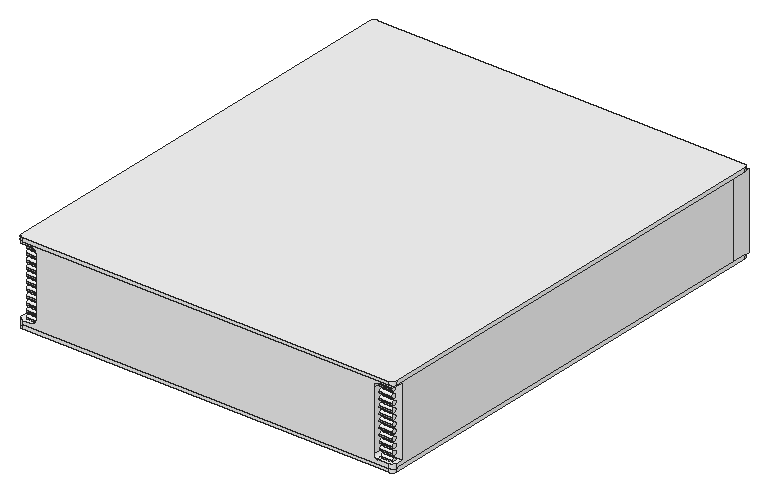
Revit family "RK-ZONE8", category Electrical Equipment, Revit 2016
Family settings
  Panel Configuration = Two Columns, Circuits Across
  Part Type = Panelboard
  Round Connector Dimension = Use Diameter
  OmniClass Number = 23.80.30.11.17
  OmniClass Title = Distribution Boards and Control Panels
  Work Plane-Based = No
  Always vertical = Yes
  Cut with Voids When Loaded = No
  Shared = No
  Room Calculation Point = No
Parameters
  voltage = "100V/70V"
  Weekly = ""
  Warranty ID = ""
  Type = ""
  Supply Phase = "3"
  Shipping Weight = ""
  Shape = ""
  Set Point Concentration = 0.00 m²
  Responsible Sourcing of Materials = "Endorsing body"
  Responsible Extraction of Materials = ""
  Reference Standard = ""
  Quarterly = ""
  Product Range = ""
  Product Model Number = "Or  Code"
  Product Literature = ""
  Power Source (if required) = ""
  Overall Width = 225 mm
  Overall Length = 240 mm
  Overall Height = 165 mm
  O&M Manual = "External data hyperconnection"
  Number of Poles = "3"
  Monthly = ""
  Material2 = cutout
  Material Ingredient Reporting = ""
  Material = Steel
  Manufacturer Website = "External data hyperconnection"
  Maintenance Required 8001-12000hrs = ""
  Maintenance Required 601-1000hrs = ""
  Maintenance Required 40001-8000hrs = ""
  Maintenance Required 301-600hrs = ""
  Maintenance Required 2001-4000hrs = ""
  Maintenance Required 1001-2000hrs = ""
  Maintenance Required 0-300hrs = ""
  Location of Manufacturer = "Northing,Easting"
  Life Cycle Analysis = "A - E"
  Gross Weight = "2.05Kg"
  Green Guide for Specification = "A - E"
  Frequency = "350 Hz ~ 12 kHz"
  Fire Control Panel Links = yes
  Finish = ""
  Features = "Free text to describe product"
  Expected Life = "*Years"
  Environmental Product Declaration = "3rd Party Verification"
  Energy Technology List = "External data hyperconnection"
  Enclosure Rating = "IP rating"
  Embodied Carbon = "kgCO2"
  Default elevation = 1219.2 mm
  Daily = ""
  Coverage Area = 0.056 m²
  Colour = ""
  CE Approval = "Number, Yes, No"
  Bespoke Timeframe = ""
  Battery Type = "e.g. Alkaline, Lithium Ion Rechargeable"
  Battery Supply = ""
  BMS Links = yes
  Annually = ""
  Access Clearance Top = 0 mm
  Access Clearance Right = 0 mm
  Access Clearance Rear = 0 mm
  Access Clearance Left = 0 mm
  Access Clearance Front = 0 mm
  Access Clearance Bottom = 0 mm
  6 Monthly = ""
Reference planes
  plane 1 "Center (Front/Back)": y = 0
  plane 2: z = 0
  plane 3 "Center (Left/Right)": x = 0
Dimensions and locks
  aligned and locked: level to plane 2
Nested families
  nested 1: "ZONE8" at (180, -180, 0), type "ZONE8"
Definition of nested family "ZONE8"
  Parameters (values of type "ZONE8")
    Material2 = none
    Material = none
  Reference planes
    plane 1 "Center (Front/Back)": y = 0
    plane 2: z = 0
    plane 3 "Center (Left/Right)": x = 0
    plane 4: y = 482
    plane 5: z = -88
    plane 6: x = -407
  Forms (mm)
    Extrusion 1, solid, material <- "Material2"
      sketch origin (0, 0, 0) x (1, 0, 0) y (0, 1, 0)
        loop
          arc (-407, 5) -> (-405.536, 1.464) -> (-402, 0) r 5
          line (-402, 0) -> (-5, 0)
          arc (-5, 0) -> (-1.464, 1.464) -> (0, 5) r 5
          line (0, 5) -> (0, 462) -> (-20, 462) -> (-20, 20) -> (-387, 20) -> (-387, 462) -> (-407, 462) -> (-407, 5)
      from -84.611 to -3.389
    Extrusion 2, solid, material <- "Material2"
      sketch origin (0, 0, 0) x (1, 0, 0) y (0, 1, 0)
        loop
          line (-5, 482) -> (-402, 482)
          arc (-402, 482) -> (-405.536, 480.536) -> (-407, 477) r 5
          line (-407, 477) -> (-407, 5)
          arc (-407, 5) -> (-405.536, 1.464) -> (-402, 0) r 5
          line (-402, 0) -> (-5, 0)
          arc (-5, 0) -> (-1.464, 1.464) -> (0, 5) r 5
          line (0, 5) -> (0, 477)
          arc (0, 477) -> (-1.464, 480.536) -> (-5, 482) r 5
      from -3.389 to 0
    Extrusion 3, solid, material <- "Material2"
      sketch origin (0, 0, -84.611) x (1, 0, 0) y (0, 1, 0)
        loop
          line (-5, 482) -> (-402, 482)
          arc (-402, 482) -> (-405.536, 480.536) -> (-407, 477) r 5
          line (-407, 477) -> (-407, 5)
          arc (-407, 5) -> (-405.536, 1.464) -> (-402, 0) r 5
          line (-402, 0) -> (-5, 0)
          arc (-5, 0) -> (-1.464, 1.464) -> (0, 5) r 5
          line (0, 5) -> (0, 477)
          arc (0, 477) -> (-1.464, 480.536) -> (-5, 482) r 5
      from -3.389 to 0
    Extrusion 4, void
      sketch origin (0, 0, -169.342) x (1, 0, 0) y (0, 0, 1)
        loop
          line (-409.572, 164.342) -> (-409.572, 89.442) -> (-392, 89.442)
          arc (-392, 89.442) -> (-388.464, 90.906) -> (-387, 94.442) r 5
          line (-387, 94.442) -> (-387, 159.342)
          arc (-387, 159.342) -> (-388.464, 162.877) -> (-392, 164.342) r 5
          line (-392, 164.342) -> (-409.572, 164.342)
      from -12.787 to 11.13
    Extrusion 5, void
      sketch origin (-407, 0, -169.342) x (-1, 0, 0) y (0, 0, -1)
        loop
          line (-409.572, -164.342) -> (-392, -164.342)
          arc (-392, -164.342) -> (-388.464, -162.877) -> (-387, -159.342) r 5
          line (-387, -159.342) -> (-387, -94.442)
          arc (-387, -94.442) -> (-388.464, -90.906) -> (-392, -89.442) r 5
          line (-392, -89.442) -> (-409.572, -89.442) -> (-409.572, -164.342)
      from -12.787 to 11.13
    Extrusion 6, solid, material <- "Material2"
      sketch origin (0, -465.718, 0) x (0, 1, 0) y (0, 0, 1)
        loop
          circle (473.025, -10.009) r 2.052
        loop
          circle (473.025, -17.009) r 2.052
        loop
          circle (473.269, -24.005) r 2.052
        loop
          circle (473.269, -31.005) r 2.052
        loop
          circle (473.269, -38.005) r 2.052
        loop
          circle (473.635, -44.995) r 2.052
        loop
          circle (473.635, -51.995) r 2.052
        loop
          circle (473.635, -58.995) r 2.052
        loop
          circle (473.635, -65.995) r 2.052
        loop
          circle (473.635, -72.995) r 2.052
        loop
          circle (473.635, -79.995) r 2.052
      from -20 to -4.979
    Extrusion 7, solid, material <- "Material2"
      sketch origin (-407, -465.718, 0) x (0, 1, 0) y (0, 0, -1)
        loop
          circle (473.025, 10.009) r 2.052
        loop
          circle (473.025, 17.009) r 2.052
        loop
          circle (473.269, 24.005) r 2.052
        loop
          circle (473.269, 31.005) r 2.052
        loop
          circle (473.269, 38.005) r 2.052
        loop
          circle (473.635, 44.995) r 2.052
        loop
          circle (473.635, 51.995) r 2.052
        loop
          circle (473.635, 58.995) r 2.052
        loop
          circle (473.635, 65.995) r 2.052
        loop
          circle (473.635, 72.995) r 2.052
        loop
          circle (473.635, 79.995) r 2.052
      from -20 to -4.979
    Extrusion 8, solid, material <- "Material2"
      sketch origin (0, 0, 0) x (1, 0, 0) y (0, 0, 1)
        loop
          line (0, -3.389) -> (-407, -3.389) -> (-407, -84.611) -> (0, -84.611) -> (0, -3.389)
      from -482 to -462
    Extrusion 9, void
      sketch origin (-9.85, 0, -131.497) x (1, 0, 0) y (0, 0, 1)
        loop
          line (-359.468, 122.859) -> (-370.228, 114.452)
          arc (-370.228, 114.452) -> (-371.644, 112.704) -> (-372.15, 110.512) r 5
          line (-372.15, 110.512) -> (-372.15, 94.334)
          arc (-372.15, 94.334) -> (-371.544, 91.948) -> (-369.873, 90.14) r 5
          line (-369.873, 90.14) -> (-359.113, 83.153)
          arc (-359.113, 83.153) -> (-356.39, 82.346) -> (-353.666, 83.153) r 5
          line (-353.666, 83.153) -> (-342.906, 90.14)
          arc (-342.906, 90.14) -> (-341.235, 91.948) -> (-340.629, 94.334) r 5
          line (-340.629, 94.334) -> (-340.629, 110.512)
          arc (-340.629, 110.512) -> (-341.135, 112.704) -> (-342.551, 114.452) r 5
          line (-342.551, 114.452) -> (-353.311, 122.859)
          arc (-353.311, 122.859) -> (-356.39, 123.919) -> (-359.468, 122.859) r 5
        loop
          line (-347.236, 113.133) -> (-359.118, 113.133) -> (-359.118, 92.525) -> (-346.985, 92.525) -> (-343.521, 95.989) -> (-343.521, 109.418) -> (-347.236, 113.133)
        loop
          line (-360.82, 113.133) -> (-369.333, 113.133) -> (-369.333, 93.133) -> (-360.82, 93.133) -> (-360.82, 113.133)
        loop
          line (-352.984, 110.616) -> (-356.851, 110.616) -> (-356.851, 109.192) -> (-352.984, 109.192) -> (-352.984, 110.616)
        loop
          line (-352.984, 95.616) -> (-356.851, 95.616) -> (-356.851, 94.192) -> (-352.984, 94.192) -> (-352.984, 95.616)
        loop
          line (-345.281, 103.32) -> (-349.148, 103.32) -> (-349.148, 101.895) -> (-345.281, 101.895) -> (-345.281, 103.32)
        loop
          line (-342.807, 113.771) -> (-370.386, 113.771) -> (-370.386, 91.536) -> (-342.807, 91.536) -> (-342.807, 113.771)
      from -490.209 to -470.436
    Extrusion 10, void
      sketch origin (204.473, 0, -249.825) x (1, 0, 0) y (0, 0, 1)
        loop
          line (-346.066, 235.987) -> (-364.473, 235.987) -> (-364.473, 211.828) -> (-346.066, 211.828) -> (-346.066, 235.987)
        loop
          line (-349.606, 232.624) -> (-352.703, 232.624) -> (-352.703, 234.748) -> (-358.278, 234.748) -> (-358.278, 232.624) -> (-361.199, 232.624) -> (-361.199, 225.19) -> (-349.606, 225.19) -> (-349.606, 232.624)
        loop
          line (-349.606, 214.477) -> (-349.606, 221.91) -> (-361.199, 221.91) -> (-361.199, 214.477) -> (-358.278, 214.477) -> (-358.278, 212.353) -> (-352.703, 212.353) -> (-352.703, 214.477) -> (-349.606, 214.477)
        loop
          line (-367.394, 225.19) -> (-384.061, 225.19) -> (-384.061, 210.19) -> (-367.394, 210.19) -> (-367.394, 225.19)
        loop
          line (-369.579, 215.523) -> (-369.579, 222.957) -> (-381.171, 222.957) -> (-381.171, 215.523) -> (-378.251, 215.523) -> (-378.251, 213.4) -> (-372.676, 213.4) -> (-372.676, 215.523) -> (-369.579, 215.523)
      from -490.209 to -470.436
    Extrusion 11, void
      sketch origin (-75.611, 0, -424.107) x (1, 0, 0) y (0, 0, 1)
        loop
          line (-264.472, 358.084) -> (-274.389, 358.084) -> (-274.389, 361.397) -> (-278.002, 361.397) -> (-278.002, 358.084) -> (-297.542, 358.084) -> (-297.542, 361.397) -> (-301.155, 361.397) -> (-301.155, 358.084) -> (-307.037, 358.084) -> (-307.037, 345.549) -> (-264.472, 345.549) -> (-264.472, 358.084)
        loop
          line (-274.892, 346.739) -> (-274.892, 353.911) -> (-276.179, 353.911) -> (-276.179, 356.804) -> (-279.339, 356.804) -> (-279.339, 353.911) -> (-280.978, 353.911) -> (-280.978, 346.739) -> (-274.892, 346.739)
        loop
          line (-282.698, 346.739) -> (-282.698, 353.911) -> (-283.985, 353.911) -> (-283.985, 356.804) -> (-287.145, 356.804) -> (-287.145, 353.911) -> (-288.784, 353.911) -> (-288.784, 346.739) -> (-282.698, 346.739)
        loop
          line (-290.369, 346.739) -> (-290.369, 353.911) -> (-291.657, 353.911) -> (-291.657, 356.804) -> (-294.817, 356.804) -> (-294.817, 353.911) -> (-296.455, 353.911) -> (-296.455, 346.739) -> (-290.369, 346.739)
        loop
          line (-301.155, 353.903) -> (-304.518, 353.903) -> (-304.518, 350.275) -> (-301.155, 350.275) -> (-301.155, 353.903)
        loop
          line (-267.043, 353.647) -> (-270.406, 353.647) -> (-270.406, 350.019) -> (-267.043, 350.019) -> (-267.043, 353.647)
      from -490.209 to -470.436
    Extrusion 12, void
      sketch origin (176.179, 0, -425.019) x (1, 0, 0) y (0, 0, 1)
        loop
          line (-338.93, 357.368) -> (-351.346, 357.368) -> (-351.346, 349.633) -> (-338.93, 349.633) -> (-338.93, 357.368)
        loop
          line (-340.05, 356.554) -> (-350.05, 356.554) -> (-350.05, 350.956) -> (-340.05, 350.956) -> (-340.05, 356.554)
        loop
          line (-342.492, 354.416) -> (-344.324, 354.416) -> (-344.324, 352.585) -> (-342.492, 352.585) -> (-342.492, 354.416)
        loop
          line (-346.257, 354.416) -> (-347.988, 354.416) -> (-347.988, 352.585) -> (-346.257, 352.585) -> (-346.257, 354.416)
      from -490.209 to -470.436
    Revolve 13, solid, material <- "Material"
      sketch origin (-332.065, -5.752, -63.492) x (0, 1, 0) y (0, 0, 1)
        loop
          line (490.23, -10.36) -> (490.23, -8.027)
          arc (490.23, -8.027) -> (489.816, -7.028) -> (488.816, -6.613) r 1.414
          line (488.816, -6.613) -> (487.717, -6.613) -> (487.18, -8.617) -> (480.23, -8.617) -> (480.23, -10.36) -> (490.23, -10.36)
        axis (490.23, -10.36) -> (480.23, -10.36)
      angle from 0 to 360
    Extrusion 14, void
      sketch origin (223.7, 0, -133.896) x (1, 0, 0) y (0, 0, 1)
        loop
          line (-317.67, 59.5) -> (-317.67, 68.896) -> (-321.612, 68.896) -> (-321.612, 71.572) -> (-325.273, 71.572) -> (-325.273, 68.896) -> (-388.7, 68.896) -> (-388.7, 71.572) -> (-392.36, 71.572) -> (-392.36, 68.896) -> (-396.305, 68.896) -> (-396.305, 59.5) -> (-317.67, 59.5)
        loop
          line (-368.554, 67.223) -> (-372.597, 67.223) -> (-372.597, 65.086) -> (-371.401, 65.086) -> (-371.401, 60.71) -> (-369.876, 60.71) -> (-369.876, 65.086) -> (-368.554, 65.086) -> (-368.554, 67.223)
        loop
          line (-376.47, 67.223) -> (-380.513, 67.223) -> (-380.513, 65.086) -> (-379.317, 65.086) -> (-379.317, 60.71) -> (-377.793, 60.71) -> (-377.793, 65.086) -> (-376.47, 65.086) -> (-376.47, 67.223)
        loop
          line (-383.554, 67.223) -> (-387.597, 67.223) -> (-387.597, 65.086) -> (-386.401, 65.086) -> (-386.401, 60.71) -> (-384.876, 60.71) -> (-384.876, 65.086) -> (-383.554, 65.086) -> (-383.554, 67.223)
        loop
          line (-390.688, 67.223) -> (-394.731, 67.223) -> (-394.731, 65.086) -> (-393.535, 65.086) -> (-393.535, 60.71) -> (-392.01, 60.71) -> (-392.01, 65.086) -> (-390.688, 65.086) -> (-390.688, 67.223)
        loop
          line (-338.554, 67.223) -> (-342.597, 67.223) -> (-342.597, 65.086) -> (-341.401, 65.086) -> (-341.401, 60.71) -> (-339.876, 60.71) -> (-339.876, 65.086) -> (-338.554, 65.086) -> (-338.554, 67.223)
        loop
          line (-346.47, 67.223) -> (-350.513, 67.223) -> (-350.513, 65.086) -> (-349.317, 65.086) -> (-349.317, 60.71) -> (-347.793, 60.71) -> (-347.793, 65.086) -> (-346.47, 65.086) -> (-346.47, 67.223)
        loop
          line (-353.554, 67.223) -> (-357.597, 67.223) -> (-357.597, 65.086) -> (-356.401, 65.086) -> (-356.401, 60.71) -> (-354.876, 60.71) -> (-354.876, 65.086) -> (-353.554, 65.086) -> (-353.554, 67.223)
        loop
          line (-360.688, 67.223) -> (-364.731, 67.223) -> (-364.731, 65.086) -> (-363.535, 65.086) -> (-363.535, 60.71) -> (-362.01, 60.71) -> (-362.01, 65.086) -> (-360.688, 65.086) -> (-360.688, 67.223)
        loop
          line (-330.157, 67.223) -> (-334.2, 67.223) -> (-334.2, 65.086) -> (-333.005, 65.086) -> (-333.005, 60.71) -> (-331.48, 60.71) -> (-331.48, 65.086) -> (-330.157, 65.086) -> (-330.157, 67.223)
        loop
          line (-320.813, 67.223) -> (-324.856, 67.223) -> (-324.856, 65.086) -> (-323.66, 65.086) -> (-323.66, 60.71) -> (-322.135, 60.71) -> (-322.135, 65.086) -> (-320.813, 65.086) -> (-320.813, 67.223)
        loop
          line (-235.59, 59.5) -> (-235.59, 68.896) -> (-239.533, 68.896) -> (-239.533, 71.572) -> (-243.193, 71.572) -> (-243.193, 68.896) -> (-306.62, 68.896) -> (-306.62, 71.572) -> (-310.28, 71.572) -> (-310.28, 68.896) -> (-314.226, 68.896) -> (-314.226, 59.5) -> (-235.59, 59.5)
        loop
          line (-286.474, 67.223) -> (-290.517, 67.223) -> (-290.517, 65.086) -> (-289.321, 65.086) -> (-289.321, 60.71) -> (-287.797, 60.71) -> (-287.797, 65.086) -> (-286.474, 65.086) -> (-286.474, 67.223)
        loop
          line (-294.391, 67.223) -> (-298.434, 67.223) -> (-298.434, 65.086) -> (-297.238, 65.086) -> (-297.238, 60.71) -> (-295.713, 60.71) -> (-295.713, 65.086) -> (-294.391, 65.086) -> (-294.391, 67.223)
        loop
          line (-301.474, 67.223) -> (-305.517, 67.223) -> (-305.517, 65.086) -> (-304.321, 65.086) -> (-304.321, 60.71) -> (-302.797, 60.71) -> (-302.797, 65.086) -> (-301.474, 65.086) -> (-301.474, 67.223)
        loop
          line (-308.608, 67.223) -> (-312.651, 67.223) -> (-312.651, 65.086) -> (-311.455, 65.086) -> (-311.455, 60.71) -> (-309.931, 60.71) -> (-309.931, 65.086) -> (-308.608, 65.086) -> (-308.608, 67.223)
        loop
          line (-256.474, 67.223) -> (-260.517, 67.223) -> (-260.517, 65.086) -> (-259.321, 65.086) -> (-259.321, 60.71) -> (-257.797, 60.71) -> (-257.797, 65.086) -> (-256.474, 65.086) -> (-256.474, 67.223)
        loop
          line (-264.391, 67.223) -> (-268.434, 67.223) -> (-268.434, 65.086) -> (-267.238, 65.086) -> (-267.238, 60.71) -> (-265.713, 60.71) -> (-265.713, 65.086) -> (-264.391, 65.086) -> (-264.391, 67.223)
        loop
          line (-271.474, 67.223) -> (-275.517, 67.223) -> (-275.517, 65.086) -> (-274.321, 65.086) -> (-274.321, 60.71) -> (-272.797, 60.71) -> (-272.797, 65.086) -> (-271.474, 65.086) -> (-271.474, 67.223)
        loop
          line (-278.608, 67.223) -> (-282.651, 67.223) -> (-282.651, 65.086) -> (-281.455, 65.086) -> (-281.455, 60.71) -> (-279.931, 60.71) -> (-279.931, 65.086) -> (-278.608, 65.086) -> (-278.608, 67.223)
        loop
          line (-248.078, 67.223) -> (-252.121, 67.223) -> (-252.121, 65.086) -> (-250.925, 65.086) -> (-250.925, 60.71) -> (-249.4, 60.71) -> (-249.4, 65.086) -> (-248.078, 65.086) -> (-248.078, 67.223)
        loop
          line (-238.733, 67.223) -> (-242.776, 67.223) -> (-242.776, 65.086) -> (-241.58, 65.086) -> (-241.58, 60.71) -> (-240.056, 60.71) -> (-240.056, 65.086) -> (-238.733, 65.086) -> (-238.733, 67.223)
      from -542.124 to -467.816
    Extrusion 15, void
      sketch origin (122.398, 0, -244.825) x (1, 0, 0) y (0, 0, 1)
        loop
          line (-346.066, 235.987) -> (-364.473, 235.987) -> (-364.473, 211.828) -> (-346.066, 211.828) -> (-346.066, 235.987)
        loop
          line (-349.606, 232.624) -> (-352.703, 232.624) -> (-352.703, 234.748) -> (-358.278, 234.748) -> (-358.278, 232.624) -> (-361.199, 232.624) -> (-361.199, 225.19) -> (-349.606, 225.19) -> (-349.606, 232.624)
        loop
          line (-349.606, 214.477) -> (-349.606, 221.91) -> (-361.199, 221.91) -> (-361.199, 214.477) -> (-358.278, 214.477) -> (-358.278, 212.353) -> (-352.703, 212.353) -> (-352.703, 214.477) -> (-349.606, 214.477)
      from -490.209 to -470.436
    Extrusion 16, void
      sketch origin (329.828, 0, -14.451) x (1, 0, 0) y (0, 0, 1)
        loop
          circle (-345.286, 1.084) r 5
        loop
          circle (-345.286, 1.084) r 2.688
        loop
          circle (-357.92, 1.084) r 5
        loop
          circle (-357.92, 1.084) r 2.688
        loop
          circle (-370.688, 1.084) r 5
        loop
          circle (-370.688, 1.084) r 2.688
        loop
          circle (-345.286, -12.733) r 5
        loop
          circle (-345.286, -12.733) r 2.688
        loop
          circle (-357.92, -12.733) r 5
        loop
          circle (-357.92, -12.733) r 2.688
        loop
          circle (-370.688, -12.733) r 5
        loop
          circle (-370.688, -12.733) r 2.688
      from -490.209 to -470.436
    Extrusion 17, void
      sketch origin (299.828, 0, -244.451) x (1, 0, 0) y (0, 0, 1)
        loop
          line (-351.494, 232.73) -> (-372.824, 232.73) -> (-372.824, 210.937) -> (-351.494, 210.937) -> (-351.494, 232.73)
        loop
          line (-375.452, 232.73) -> (-398.019, 232.73) -> (-398.019, 210.937) -> (-375.452, 210.937) -> (-375.452, 232.73)
        loop
          line (-399.873, 232.73) -> (-436.97, 232.73) -> (-436.97, 210.937) -> (-399.873, 210.937) -> (-399.873, 232.73)
        loop
          line (-354.709, 225.421) -> (-355.656, 225.421) -> (-355.656, 229.44) -> (-356.799, 229.44) -> (-356.799, 225.421) -> (-357.748, 225.421) -> (-357.748, 222.732) -> (-354.709, 222.732) -> (-354.709, 225.421)
        loop
          line (-401.659, 229.339) -> (-403.931, 229.339) -> (-403.931, 226.933) -> (-401.659, 226.933) -> (-401.659, 229.339)
        loop
          line (-405.067, 229.339) -> (-407.339, 229.339) -> (-407.339, 226.933) -> (-405.067, 226.933) -> (-405.067, 229.339)
        loop
          line (-408.074, 229.339) -> (-410.346, 229.339) -> (-410.346, 226.933) -> (-408.074, 226.933) -> (-408.074, 229.339)
        loop
          line (-411.214, 229.339) -> (-413.486, 229.339) -> (-413.486, 226.933) -> (-411.214, 226.933) -> (-411.214, 229.339)
        loop
          line (-414.489, 229.339) -> (-416.761, 229.339) -> (-416.761, 226.933) -> (-414.489, 226.933) -> (-414.489, 229.339)
        loop
          line (-417.228, 229.339) -> (-419.5, 229.339) -> (-419.5, 226.933) -> (-417.228, 226.933) -> (-417.228, 229.339)
        loop
          line (-420.636, 229.339) -> (-422.908, 229.339) -> (-422.908, 226.933) -> (-420.636, 226.933) -> (-420.636, 229.339)
        loop
          line (-423.844, 229.339) -> (-426.116, 229.339) -> (-426.116, 226.933) -> (-423.844, 226.933) -> (-423.844, 229.339)
        loop
          line (-427.458, 229.339) -> (-429.73, 229.339) -> (-429.73, 226.933) -> (-427.458, 226.933) -> (-427.458, 229.339)
        loop
          line (-431.146, 229.339) -> (-433.418, 229.339) -> (-433.418, 226.933) -> (-431.146, 226.933) -> (-431.146, 229.339)
        loop
          line (-401.659, 217.236) -> (-403.931, 217.236) -> (-403.931, 214.83) -> (-401.659, 214.83) -> (-401.659, 217.236)
        loop
          line (-405.067, 217.236) -> (-407.339, 217.236) -> (-407.339, 214.83) -> (-405.067, 214.83) -> (-405.067, 217.236)
        loop
          line (-408.074, 217.236) -> (-410.346, 217.236) -> (-410.346, 214.83) -> (-408.074, 214.83) -> (-408.074, 217.236)
        loop
          line (-411.214, 217.236) -> (-413.486, 217.236) -> (-413.486, 214.83) -> (-411.214, 214.83) -> (-411.214, 217.236)
        loop
          line (-414.489, 217.236) -> (-416.761, 217.236) -> (-416.761, 214.83) -> (-414.489, 214.83) -> (-414.489, 217.236)
        loop
          line (-417.228, 217.236) -> (-419.5, 217.236) -> (-419.5, 214.83) -> (-417.228, 214.83) -> (-417.228, 217.236)
        loop
          line (-420.636, 217.236) -> (-422.908, 217.236) -> (-422.908, 214.83) -> (-420.636, 214.83) -> (-420.636, 217.236)
        loop
          line (-423.844, 217.236) -> (-426.116, 217.236) -> (-426.116, 214.83) -> (-423.844, 214.83) -> (-423.844, 217.236)
        loop
          line (-427.458, 217.236) -> (-429.73, 217.236) -> (-429.73, 214.83) -> (-427.458, 214.83) -> (-427.458, 217.236)
        loop
          line (-431.146, 217.236) -> (-433.418, 217.236) -> (-433.418, 214.83) -> (-431.146, 214.83) -> (-431.146, 217.236)
        loop
          line (-360.953, 225.421) -> (-361.9, 225.421) -> (-361.9, 229.44) -> (-363.042, 229.44) -> (-363.042, 225.421) -> (-363.991, 225.421) -> (-363.991, 222.732) -> (-360.953, 222.732) -> (-360.953, 225.421)
        loop
          line (-366.913, 225.421) -> (-367.86, 225.421) -> (-367.86, 229.44) -> (-369.002, 229.44) -> (-369.002, 225.421) -> (-369.952, 225.421) -> (-369.952, 222.732) -> (-366.913, 222.732) -> (-366.913, 225.421)
        loop
          line (-354.709, 217.591) -> (-354.709, 220.279) -> (-357.748, 220.279) -> (-357.748, 217.591) -> (-356.799, 217.591) -> (-356.799, 213.571) -> (-355.656, 213.571) -> (-355.656, 217.591) -> (-354.709, 217.591)
        loop
          line (-360.953, 217.591) -> (-360.953, 220.279) -> (-363.991, 220.279) -> (-363.991, 217.591) -> (-363.042, 217.591) -> (-363.042, 213.571) -> (-361.9, 213.571) -> (-361.9, 217.591) -> (-360.953, 217.591)
        loop
          line (-366.913, 217.591) -> (-366.913, 220.279) -> (-369.952, 220.279) -> (-369.952, 217.591) -> (-369.002, 217.591) -> (-369.002, 213.571) -> (-367.86, 213.571) -> (-367.86, 217.591) -> (-366.913, 217.591)
        loop
          line (-378.954, 225.421) -> (-379.901, 225.421) -> (-379.901, 229.44) -> (-381.043, 229.44) -> (-381.043, 225.421) -> (-381.993, 225.421) -> (-381.993, 222.732) -> (-378.954, 222.732) -> (-378.954, 225.421)
        loop
          line (-385.197, 225.421) -> (-386.144, 225.421) -> (-386.144, 229.44) -> (-387.287, 229.44) -> (-387.287, 225.421) -> (-388.236, 225.421) -> (-388.236, 222.732) -> (-385.197, 222.732) -> (-385.197, 225.421)
        loop
          line (-391.157, 225.421) -> (-392.104, 225.421) -> (-392.104, 229.44) -> (-393.247, 229.44) -> (-393.247, 225.421) -> (-394.196, 225.421) -> (-394.196, 222.732) -> (-391.157, 222.732) -> (-391.157, 225.421)
        loop
          line (-378.954, 217.591) -> (-378.954, 220.279) -> (-381.993, 220.279) -> (-381.993, 217.591) -> (-381.043, 217.591) -> (-381.043, 213.571) -> (-379.901, 213.571) -> (-379.901, 217.591) -> (-378.954, 217.591)
        loop
          line (-385.197, 217.591) -> (-385.197, 220.279) -> (-388.236, 220.279) -> (-388.236, 217.591) -> (-387.287, 217.591) -> (-387.287, 213.571) -> (-386.144, 213.571) -> (-386.144, 217.591) -> (-385.197, 217.591)
        loop
          line (-391.157, 217.591) -> (-391.157, 220.279) -> (-394.196, 220.279) -> (-394.196, 217.591) -> (-393.247, 217.591) -> (-393.247, 213.571) -> (-392.104, 213.571) -> (-392.104, 217.591) -> (-391.157, 217.591)
      from -490.209 to -470.436
    Extrusion 18, void
      sketch origin (79.389, 0, -409.353) x (1, 0, 0) y (0, 0, 1)
        loop
          line (-264.472, 358.084) -> (-274.389, 358.084) -> (-274.389, 361.397) -> (-278.002, 361.397) -> (-278.002, 358.084) -> (-297.542, 358.084) -> (-297.542, 361.397) -> (-301.155, 361.397) -> (-301.155, 358.084) -> (-307.037, 358.084) -> (-307.037, 348.394) -> (-264.472, 348.394) -> (-264.472, 358.084)
        loop
          line (-301.155, 353.903) -> (-304.518, 353.903) -> (-304.518, 350.275) -> (-301.155, 350.275) -> (-301.155, 353.903)
        loop
          line (-267.043, 353.647) -> (-270.406, 353.647) -> (-270.406, 350.019) -> (-267.043, 350.019) -> (-267.043, 353.647)
        loop
          line (-274.221, 353.647) -> (-277.584, 353.647) -> (-277.584, 350.019) -> (-274.221, 350.019) -> (-274.221, 353.647)
        loop
          line (-281.194, 353.647) -> (-284.557, 353.647) -> (-284.557, 350.019) -> (-281.194, 350.019) -> (-281.194, 353.647)
        loop
          line (-288.117, 353.647) -> (-291.479, 353.647) -> (-291.479, 350.019) -> (-288.117, 350.019) -> (-288.117, 353.647)
        loop
          line (-294.179, 353.647) -> (-297.542, 353.647) -> (-297.542, 350.019) -> (-294.179, 350.019) -> (-294.179, 353.647)
      from -490.209 to -470.436
    Extrusion 19, void
      sketch origin (79.389, 0, 283.766) x (1, 0, 0) y (0, 0, 1)
        loop
          line (-264.472, -358.084) -> (-264.472, -348.394) -> (-307.037, -348.394) -> (-307.037, -358.084) -> (-301.155, -358.084) -> (-301.155, -361.397) -> (-297.542, -361.397) -> (-297.542, -358.084) -> (-278.002, -358.084) -> (-278.002, -361.397) -> (-274.389, -361.397) -> (-274.389, -358.084) -> (-264.472, -358.084)
        loop
          line (-301.155, -353.903) -> (-301.155, -350.275) -> (-304.518, -350.275) -> (-304.518, -353.903) -> (-301.155, -353.903)
        loop
          line (-267.043, -353.647) -> (-267.043, -350.019) -> (-270.406, -350.019) -> (-270.406, -353.647) -> (-267.043, -353.647)
        loop
          line (-274.221, -353.647) -> (-274.221, -350.019) -> (-277.584, -350.019) -> (-277.584, -353.647) -> (-274.221, -353.647)
        loop
          line (-281.194, -353.647) -> (-281.194, -350.019) -> (-284.557, -350.019) -> (-284.557, -353.647) -> (-281.194, -353.647)
        loop
          line (-288.117, -353.647) -> (-288.117, -350.019) -> (-291.479, -350.019) -> (-291.479, -353.647) -> (-288.117, -353.647)
        loop
          line (-294.179, -353.647) -> (-294.179, -350.019) -> (-297.542, -350.019) -> (-297.542, -353.647) -> (-294.179, -353.647)
      from -490.209 to -470.436
    Extrusion 20, void
      sketch origin (-39.163, 0, -247.615) x (1, 0, 0) y (0, 0, 1)
        loop
          line (-344.124, 236.109) -> (-365.81, 236.109) -> (-365.81, 216.109) -> (-344.124, 216.109) -> (-344.124, 236.109)
        loop
          line (-346.791, 233.799) -> (-364.388, 233.799) -> (-364.388, 218.799) -> (-346.791, 218.799) -> (-346.791, 233.799)
      from -490.209 to -470.436
    Revolve 21, solid, material <- "Material"
      sketch origin (-397.065, -5.752, -63.492) x (0, 1, 0) y (0, 0, 1)
        loop
          line (490.23, -10.36) -> (490.23, -8.027)
          arc (490.23, -8.027) -> (489.816, -7.028) -> (488.816, -6.613) r 1.414
          line (488.816, -6.613) -> (487.717, -6.613) -> (487.18, -8.617) -> (480.23, -8.617) -> (480.23, -10.36) -> (490.23, -10.36)
        axis (490.23, -10.36) -> (480.23, -10.36)
      angle from 0 to 360
    Revolve 22, solid, material <- "Material"
      sketch origin (-397.065, -5.752, -46.815) x (0, 1, 0) y (0, 0, 1)
        loop
          line (490.23, -10.36) -> (490.23, -8.027)
          arc (490.23, -8.027) -> (489.816, -7.028) -> (488.816, -6.613) r 1.414
          line (488.816, -6.613) -> (487.717, -6.613) -> (487.18, -8.617) -> (480.23, -8.617) -> (480.23, -10.36) -> (490.23, -10.36)
        axis (490.23, -10.36) -> (480.23, -10.36)
      angle from 0 to 360
  Cuts and joins
    Extrusion 4, Extrusion 5 cuts Extrusion 1
    Extrusion 9, Extrusion 10, Extrusion 11, Extrusion 12, Extrusion 14, Extrusion 15, Extrusion 16, Extrusion 17, Extrusion 18, Extrusion 19, Extrusion 20 cuts Extrusion 8
  Dimensions and locks
    plane 1 "Center (Front/Back)" to plane 4 = 482 mm
    plane 6 to plane 3 "Center (Left/Right)" = 407 mm
    aligned and locked: level to plane 2
